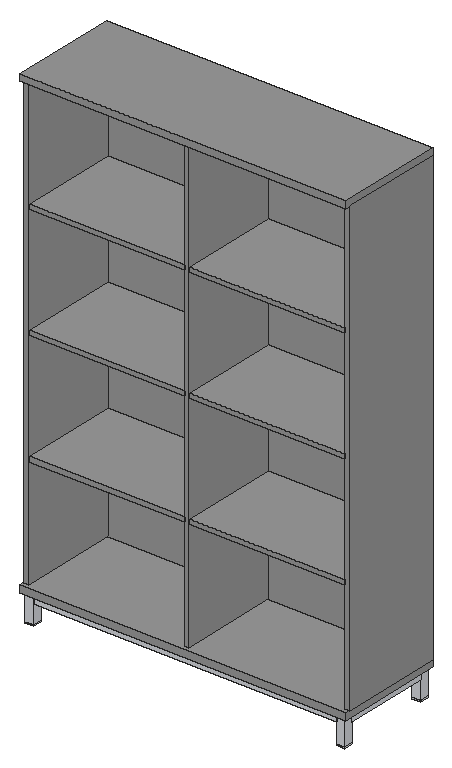
Revit family "Open Fronted Modular Storage With Wooden Door Options", category Furniture, Revit 2019 (continued)
Definition of nested family "Hinged Locking Wooden Doors - HD4 - Level 1"
  Automatic sketch dimensions
    Extrusion 3 sketch curve to plane 4 = 0 mm
    Extrusion 3 sketch curve to plane 3 "Center (Left/Right)" = 1 mm
    Extrusion 3 sketch curve to plane 15 = 830 mm
    radius of Extrusion 2 sketch curve = 10 mm
    radius of Extrusion 4 sketch curve = 10 mm
  Nested families
    nested 1: "Handle Type C-1" at (175, -200, 62.362) x (-1, 0, 0) z (0, 0, 1), visible <- "Handle Type C", type "Handle Type C-1"
    nested 2: "Handle Type B-1" at (175, -200, 48.922) x (-1, 0, 0) z (0, 0, 1), visible <- "Handle Type B", type "Handle Type B-1"
    nested 3: "Handle Type D-1" at (175, -200, 48.922) x (-1, 0, 0) z (0, 0, 1), visible <- "Handle Type D", type "Handle Type D-1"
    nested 4: "Handle Type C-1" at (-175, -200, 62.362), visible <- "Handle Type C", type "Handle Type C-1"
    nested 5: "Handle Type B-1" at (-175, -200, 48.922), visible <- "Handle Type B", type "Handle Type B-1"
    nested 6: "Handle Type D-1" at (-175, -200, 48.922), visible <- "Handle Type D", type "Handle Type D-1"
  Definition of nested family "Handle Type C-1"
    Parameters (values of type "Handle Type C-1")
      URL = "www.gof.co.uk"
      Type Comments = ""
      Range = "STORAGE"
      Handle Type C = none
      Product Code = "Handle Type C"
      Model = ""
      Manufacturer = "Gresham Office Furniture"  # constant formula
      Assembly Code = "E2020200"
    Reference planes
      plane 1 "Center (Front/Back)": y = 0
      plane 2: z = 0
      plane 3 "Center (Left/Right)": x = 0
      plane 4: x = -475
      plane 5: x = 475
      plane 6 "Storage Top": z = 2007
      plane 7: y = 260
      plane 8: y = -260
    Forms (mm)
      Extrusion 1, void
        sketch origin (981.138, 0, 981.138) x (0, 1, 0) y (-1, 0, 0)
          loop
            line (0, 1072) -> (0, 884.5) -> (27.401, 884.5) -> (27.401, 1072) -> (0, 1072)
        from -12.204 to 11.22
      Sweep 2, solid, material <- "Handle Type C"
        path in 3D
          loop
            arc (-78.75, 3.75, 981.138) -> (0, -30, 981.138) -> (78.75, 3.75, 981.138) r 108.75
        profile origin (0, -30, 981.138) x (0, 1, 0) y (0, 0, 1)
          loop
            circle (0, 0) r 5
    Cuts and joins
      Extrusion 1 cuts Sweep 2
    Lines and regions (mm)
      model lines, detail levels coarse+medium
        curve 1: line (68, 0, 981.138) -> (-68, 0, 981.138)
      model lines, not visible, detail levels coarse+medium
        curve 2: line (0, 0, 986.138) -> (0, 0, 976.138)
      model lines, not visible
        curve 3: line (0, 0, 981.138) -> (0, -30, 981.138)
        curve 5: line (-75, 0, 976.138) -> (-75, 0, 986.138)
        curve 6: line (75, 0, 986.138) -> (75, 0, 976.138)
      sketch lines
        curve 4: arc (-78.75, 3.75, 981.138) -> (0, -30, 981.138) -> (78.75, 3.75, 981.138) r 108.75
    Dimensions and locks
      equal spacing: plane 4, plane 3 "Center (Left/Right)", plane 5
      locked: plane 4 to plane 5 at 950
      equal spacing: plane 7, plane 1 "Center (Front/Back)", plane 8
      locked: plane 7 to plane 8 at 520
      aligned and locked: level to plane 2
    Automatic sketch dimensions
      curve 3 to plane 1 "Center (Front/Back)" = 0 mm
      plane 1 "Center (Front/Back)" to curve 3 = 30 mm
      curve 2 to plane 3 "Center (Left/Right)" = 0 mm
      level to curve 2 = 976.138 mm
      curve 1 to plane 3 "Center (Left/Right)" = 68 mm
      curve 5 to curve 1 = 7 mm
      plane 3 "Center (Left/Right)" to curve 1 = 68 mm
      curve 1 to curve 6 = 7 mm
      curve 6 to curve 2 = 0 mm
      curve 5 to curve 2 = 0 mm
      curve 5 to curve 1 = 5 mm
      curve 1 to curve 6 = 5 mm
      curve 1 to curve 5 = 5 mm
      curve 2 to curve 2 = 10 mm
      plane 1 "Center (Front/Back)" to Extrusion 1 sketch curve = 0 mm
      Extrusion 1 sketch curve to plane 1 "Center (Front/Back)" = 27.401 mm
      plane 3 "Center (Left/Right)" to Extrusion 1 sketch curve = 96.638 mm
      Extrusion 1 sketch curve to plane 3 "Center (Left/Right)" = 90.862 mm
      Sweep 2 sketch curve to profile plane = 0 mm  (x2)
      level to curve 3 = 981.138 mm
      radius of Sweep 2 sketch curve = 5 mm
  Definition of nested family "Handle Type B-1"
    Parameters (values of type "Handle Type B-1")
      URL = "www.gof.co.uk"
      Type Comments = ""
      Range = "STORAGE"
      Handle Type B = none
      Product Code = "Handle Type B"
      Model = ""
      Manufacturer = "Gresham Office Furniture"  # constant formula
      Assembly Code = "E2020200"
    Reference planes
      plane 1 "Center (Front/Back)": y = 0
      plane 2: z = 0
      plane 3 "Center (Left/Right)": x = 0
      plane 4: x = -475
      plane 5: x = 475
      plane 6: y = 260
      plane 7: y = -260
    Forms (mm)
      Extrusion 1, void
        sketch origin (872.923, -128.373, 994.578) x (0, 1, 0) y (-1, 0, 0)
          loop
            line (71.667, 873.923) -> (71.667, 872.291) -> (97.075, 872.291) -> (97.075, 873.923) -> (71.667, 873.923)
        from -6 to 6
      Extrusion 2, solid
        sketch origin (988.138, 0, 994.578) x (0, 0, 1) y (-1, 0, 0)
          loop
            circle (0, 1063.138) r 4
          loop
            circle (0, 913.138) r 4
        from 0 to 10.354
      Sweep 3, solid
        path in 3D
          loop
            arc (-85, -5, 994.578) -> (0, -30, 994.578) -> (85, -5, 994.578) r 157
        profile origin (0, -30, 994.578) x (0, 1, 0) y (0, 0, 1)
          loop
            spline (0, 7.5) -> (-0.776, 7.244) -> (-1.5, 6.495) -> (-2.121, 5.303) -> (-2.598, 3.75) -> (-2.898, 1.941) -> (-3, 0) -> (-2.898, -1.941) -> (-2.598, -3.75) -> (-2.121, -5.303) -> (-1.5, -6.495) -> (-0.776, -7.244) -> (0, -7.5)
            spline (0, -7.5) -> (0.776, -7.244) -> (1.5, -6.495) -> (2.121, -5.303) -> (2.598, -3.75) -> (2.898, -1.941) -> (3, 0) -> (2.898, 1.941) -> (2.598, 3.75) -> (2.121, 5.303) -> (1.5, 6.495) -> (0.776, 7.244) -> (0, 7.5)
      Extrusion 4, void
        sketch origin (867.923, -128.373, 994.578) x (0, 1, 0) y (-1, 0, 0)
          loop
            line (71.667, 873.923) -> (71.667, 872.291) -> (97.075, 872.291) -> (97.075, 873.923) -> (71.667, 873.923)
        from -6 to 6
      Extrusion 5, void
        sketch origin (862.923, -128.373, 994.578) x (0, 1, 0) y (-1, 0, 0)
          loop
            line (71.667, 873.923) -> (71.667, 872.291) -> (98.373, 872.291) -> (98.373, 873.923) -> (71.667, 873.923)
        from -6 to 6
      Extrusion 6, void
        sketch origin (857.923, -128.373, 994.578) x (0, 1, 0) y (-1, 0, 0)
          loop
            line (71.667, 873.923) -> (71.667, 872.291) -> (98.373, 872.291) -> (98.373, 873.923) -> (71.667, 873.923)
        from -6 to 6
      Extrusion 7, void
        sketch origin (852.923, -128.373, 994.578) x (0, 1, 0) y (-1, 0, 0)
          loop
            line (71.667, 873.923) -> (71.667, 872.291) -> (98.842, 872.291) -> (98.842, 873.923) -> (71.667, 873.923)
        from -6 to 6
      Extrusion 8, void
        sketch origin (847.923, -128.373, 994.578) x (0, 1, 0) y (-1, 0, 0)
          loop
            line (71.667, 873.923) -> (71.667, 872.291) -> (99.385, 872.291) -> (99.385, 873.923) -> (71.667, 873.923)
        from -6 to 6
      Extrusion 9, void
        sketch origin (842.923, -128.373, 994.578) x (0, 1, 0) y (-1, 0, 0)
          loop
            line (71.667, 873.923) -> (71.667, 872.291) -> (100.2, 872.291) -> (100.2, 873.923) -> (71.667, 873.923)
        from -6 to 6
      Extrusion 10, void
        sketch origin (837.923, -128.373, 994.578) x (0, 1, 0) y (-1, 0, 0)
          loop
            line (71.667, 873.923) -> (71.667, 872.291) -> (100.984, 872.291) -> (100.984, 873.923) -> (71.667, 873.923)
        from -6 to 6
      Extrusion 11, void
        sketch origin (832.923, -128.373, 994.578) x (0, 1, 0) y (-1, 0, 0)
          loop
            line (71.667, 873.923) -> (71.667, 872.291) -> (102.35, 872.291) -> (102.35, 873.923) -> (71.667, 873.923)
        from -6 to 6
      Extrusion 12, void
        sketch origin (-867.923, -128.373, 994.578) x (0, 1, 0) y (-1, 0, 0)
          loop
            line (71.667, -873.923) -> (97.075, -873.923) -> (97.075, -872.291) -> (71.667, -872.291) -> (71.667, -873.923)
        from -6 to 6
      Extrusion 13, void
        sketch origin (-862.923, -128.373, 994.578) x (0, 1, 0) y (-1, 0, 0)
          loop
            line (71.667, -873.923) -> (98.373, -873.923) -> (98.373, -872.291) -> (71.667, -872.291) -> (71.667, -873.923)
        from -6 to 6
      Extrusion 14, void
        sketch origin (-857.923, -128.373, 994.578) x (0, 1, 0) y (-1, 0, 0)
          loop
            line (71.667, -873.923) -> (98.373, -873.923) -> (98.373, -872.291) -> (71.667, -872.291) -> (71.667, -873.923)
        from -6 to 6
      Extrusion 15, void
        sketch origin (-852.923, -128.373, 994.578) x (0, 1, 0) y (-1, 0, 0)
          loop
            line (71.667, -873.923) -> (98.842, -873.923) -> (98.842, -872.291) -> (71.667, -872.291) -> (71.667, -873.923)
        from -6 to 6
      Extrusion 16, void
        sketch origin (-847.923, -128.373, 994.578) x (0, 1, 0) y (-1, 0, 0)
          loop
            line (71.667, -873.923) -> (99.385, -873.923) -> (99.385, -872.291) -> (71.667, -872.291) -> (71.667, -873.923)
        from -6 to 6
      Extrusion 17, void
        sketch origin (-842.923, -128.373, 994.578) x (0, 1, 0) y (-1, 0, 0)
          loop
            line (71.667, -873.923) -> (100.2, -873.923) -> (100.2, -872.291) -> (71.667, -872.291) -> (71.667, -873.923)
        from -6 to 6
      Extrusion 18, void
        sketch origin (-837.923, -128.373, 994.578) x (0, 1, 0) y (-1, 0, 0)
          loop
            line (71.667, -873.923) -> (100.984, -873.923) -> (100.984, -872.291) -> (71.667, -872.291) -> (71.667, -873.923)
        from -6 to 6
      Extrusion 19, void
        sketch origin (-832.923, -128.373, 994.578) x (0, 1, 0) y (-1, 0, 0)
          loop
            line (71.667, -873.923) -> (102.35, -873.923) -> (102.35, -872.291) -> (71.667, -872.291) -> (71.667, -873.923)
        from -6 to 6
    Cuts and joins
      Extrusion 1, Extrusion 4, Extrusion 5, Extrusion 6, Extrusion 7, Extrusion 8, Extrusion 9, Extrusion 10, Extrusion 11, Extrusion 12, Extrusion 13, Extrusion 14, Extrusion 15, Extrusion 16, Extrusion 17, Extrusion 18, Extrusion 19 cuts Sweep 3
    Lines and regions (mm)
      model lines, not visible, detail levels coarse+medium
        curve 1: line (75, 0, 999.578) -> (75, 0, 989.578)
      model lines, not visible
        curve 2: line (-75, 0, 999.578) -> (-75, 0, 989.578)
        curve 4: line (0, 0, 994.578) -> (0, -30, 994.578)
        curve 6: line (0, 0, 999.578) -> (0, 0, 989.578)
      model lines
        curve 3: line (-75, 0, 994.578) -> (75, 0, 994.578)
      sketch lines
        curve 5: arc (-85, -5, 994.578) -> (0, -30, 994.578) -> (85, -5, 994.578) r 157
    Dimensions and locks
      equal spacing: plane 4, plane 3 "Center (Left/Right)", plane 5
      locked: plane 4 to plane 5 at 950
      equal spacing: plane 6, plane 1 "Center (Front/Back)", plane 7
      locked: plane 6 to plane 7 at 520
      aligned and locked: level to plane 2
    Automatic sketch dimensions
      curve 4 to curve 4 = 30 mm
      curve 6 to plane 3 "Center (Left/Right)" = 0 mm
      plane 3 "Center (Left/Right)" to curve 1 = 75 mm
      level to curve 1 = 989.578 mm
      curve 3 to plane 3 "Center (Left/Right)" = 75 mm
      curve 2 to curve 1 = 0 mm
      curve 6 to curve 1 = 0 mm
      curve 2 to curve 3 = 5 mm
      curve 6 to curve 6 = 10 mm
      curve 3 to curve 2 = 5 mm
      curve 3 to curve 1 = 5 mm
      plane 3 "Center (Left/Right)" to Extrusion 1 sketch curve = 0.632 mm
      plane 1 "Center (Front/Back)" to Extrusion 1 sketch curve = 56.707 mm
      Extrusion 1 sketch curve to Extrusion 1 sketch curve = 25.409 mm
      Extrusion 1 sketch curve to plane 3 "Center (Left/Right)" = 1 mm
      plane 3 "Center (Left/Right)" to Extrusion 2 sketch curve = 75 mm
      level to Extrusion 2 sketch curve = 994.578 mm
      Extrusion 2 sketch curve to plane 3 "Center (Left/Right)" = 75 mm
      Extrusion 2 sketch curve to Extrusion 2 sketch curve = 0 mm
      Sweep 3 sketch curve to profile plane = 0 mm  (x2)
      Sweep 3 sketch curve to Sweep 3 sketch curve = 7.5 mm
      Extrusion 4 sketch curve to plane 3 "Center (Left/Right)" = 4.368 mm
      plane 1 "Center (Front/Back)" to Extrusion 4 sketch curve = 56.707 mm
      Extrusion 4 sketch curve to Extrusion 4 sketch curve = 25.409 mm
      Extrusion 4 sketch curve to Extrusion 4 sketch curve = 1.632 mm
      Extrusion 5 sketch curve to plane 3 "Center (Left/Right)" = 9.368 mm
      plane 1 "Center (Front/Back)" to Extrusion 5 sketch curve = 56.707 mm
      Extrusion 5 sketch curve to Extrusion 5 sketch curve = 26.707 mm
      Extrusion 5 sketch curve to Extrusion 5 sketch curve = 1.632 mm
      Extrusion 6 sketch curve to plane 3 "Center (Left/Right)" = 14.368 mm
      plane 1 "Center (Front/Back)" to Extrusion 6 sketch curve = 56.707 mm
      Extrusion 6 sketch curve to Extrusion 6 sketch curve = 26.707 mm
      Extrusion 6 sketch curve to Extrusion 6 sketch curve = 1.632 mm
      Extrusion 7 sketch curve to plane 3 "Center (Left/Right)" = 19.368 mm
      plane 1 "Center (Front/Back)" to Extrusion 7 sketch curve = 56.707 mm
      Extrusion 7 sketch curve to Extrusion 7 sketch curve = 27.176 mm
      Extrusion 7 sketch curve to Extrusion 7 sketch curve = 1.632 mm
      Extrusion 8 sketch curve to plane 3 "Center (Left/Right)" = 24.368 mm
      plane 1 "Center (Front/Back)" to Extrusion 8 sketch curve = 56.707 mm
      Extrusion 8 sketch curve to Extrusion 8 sketch curve = 27.719 mm
      Extrusion 8 sketch curve to Extrusion 8 sketch curve = 1.632 mm
      plane 1 "Center (Front/Back)" to Extrusion 9 sketch curve = 56.707 mm
      plane 1 "Center (Front/Back)" to Extrusion 9 sketch curve = 28.173 mm
      Extrusion 9 sketch curve to plane 3 "Center (Left/Right)" = 29.368 mm
      Extrusion 9 sketch curve to Extrusion 9 sketch curve = 1.632 mm
      plane 1 "Center (Front/Back)" to Extrusion 10 sketch curve = 56.707 mm
      plane 1 "Center (Front/Back)" to Extrusion 10 sketch curve = 27.389 mm
      Extrusion 10 sketch curve to plane 3 "Center (Left/Right)" = 34.368 mm
      Extrusion 10 sketch curve to Extrusion 10 sketch curve = 1.632 mm
      plane 1 "Center (Front/Back)" to Extrusion 11 sketch curve = 56.707 mm
      plane 1 "Center (Front/Back)" to Extrusion 11 sketch curve = 26.024 mm
      Extrusion 11 sketch curve to plane 3 "Center (Left/Right)" = 39.368 mm
      Extrusion 11 sketch curve to Extrusion 11 sketch curve = 1.632 mm
      plane 3 "Center (Left/Right)" to Extrusion 12 sketch curve = 4.368 mm
      plane 1 "Center (Front/Back)" to Extrusion 12 sketch curve = 56.707 mm
      Extrusion 12 sketch curve to Extrusion 12 sketch curve = 25.409 mm
      Extrusion 12 sketch curve to Extrusion 12 sketch curve = 1.632 mm
      plane 3 "Center (Left/Right)" to Extrusion 13 sketch curve = 9.368 mm
      plane 1 "Center (Front/Back)" to Extrusion 13 sketch curve = 56.707 mm
      Extrusion 13 sketch curve to Extrusion 13 sketch curve = 26.707 mm
      Extrusion 13 sketch curve to Extrusion 13 sketch curve = 1.632 mm
      plane 3 "Center (Left/Right)" to Extrusion 14 sketch curve = 14.368 mm
      plane 1 "Center (Front/Back)" to Extrusion 14 sketch curve = 56.707 mm
      Extrusion 14 sketch curve to Extrusion 14 sketch curve = 26.707 mm
      Extrusion 14 sketch curve to Extrusion 14 sketch curve = 1.632 mm
      plane 3 "Center (Left/Right)" to Extrusion 15 sketch curve = 19.368 mm
      plane 1 "Center (Front/Back)" to Extrusion 15 sketch curve = 56.707 mm
      Extrusion 15 sketch curve to Extrusion 15 sketch curve = 27.176 mm
      Extrusion 15 sketch curve to Extrusion 15 sketch curve = 1.632 mm
      plane 3 "Center (Left/Right)" to Extrusion 16 sketch curve = 24.368 mm
      plane 1 "Center (Front/Back)" to Extrusion 16 sketch curve = 56.707 mm
      Extrusion 16 sketch curve to Extrusion 16 sketch curve = 27.719 mm
      Extrusion 16 sketch curve to Extrusion 16 sketch curve = 1.632 mm
      plane 1 "Center (Front/Back)" to Extrusion 17 sketch curve = 56.707 mm
      plane 1 "Center (Front/Back)" to Extrusion 17 sketch curve = 28.173 mm
      plane 3 "Center (Left/Right)" to Extrusion 17 sketch curve = 31 mm
      Extrusion 17 sketch curve to Extrusion 17 sketch curve = 1.632 mm
      plane 1 "Center (Front/Back)" to Extrusion 18 sketch curve = 56.707 mm
      plane 1 "Center (Front/Back)" to Extrusion 18 sketch curve = 27.389 mm
      plane 3 "Center (Left/Right)" to Extrusion 18 sketch curve = 36 mm
      Extrusion 18 sketch curve to Extrusion 18 sketch curve = 1.632 mm
      plane 1 "Center (Front/Back)" to Extrusion 19 sketch curve = 56.707 mm
      plane 1 "Center (Front/Back)" to Extrusion 19 sketch curve = 26.024 mm
      plane 3 "Center (Left/Right)" to Extrusion 19 sketch curve = 41 mm
      Extrusion 19 sketch curve to Extrusion 19 sketch curve = 1.632 mm
      curve 4 to plane 1 "Center (Front/Back)" = 0 mm
      level to curve 4 = 994.578 mm
      radius of Extrusion 2 sketch curve = 4 mm  (x2)
  Definition of nested family "Handle Type D-1"
    Parameters (values of type "Handle Type D-1")
      URL = "www.gof.co.uk"
      Type Comments = ""
      Range = "STORAGE"
      Handle Type D = none
      Product Code = "Handle Type D"
      Model = ""
      Manufacturer = "Gresham Office Furniture"  # constant formula
      Assembly Code = "E2020200"
    Reference planes
      plane 1 "Center (Front/Back)": y = 0
      plane 2: z = 0
      plane 3 "Center (Left/Right)": x = 0
      plane 4: x = -475
      plane 5: x = 475
      plane 6: y = 260
      plane 7: y = -260
    Forms (mm)
      Extrusion 1, solid
        sketch origin (994.578, 0, 994.578) x (0, 0, 1) y (0, 1, 0)
          loop
            line (5, 0) -> (-5, 0) -> (-5, -6.91)
            arc (-5, -6.91) -> (-7.006, -15.176) -> (0, -20) r 7.5
            arc (0, -20) -> (7.006, -15.176) -> (5, -6.91) r 7.5
            line (5, -6.91) -> (5, 0)
        from 919.578 to 1069.578
    Lines and regions (mm)
      model lines, not visible, detail levels coarse+medium
        curve 1: line (75, 0, 999.578) -> (75, 0, 989.578)
        curve 2: line (-75, 0, 999.578) -> (-75, 0, 989.578)
      model lines, detail levels coarse+medium
        curve 3: line (-75, 0, 994.578) -> (75, 0, 994.578)
      model lines, not visible
        curve 4: line (0, 0, 999.578) -> (0, 0, 989.578)
    Dimensions and locks
      aligned and locked: level to plane 2
Types (3, lengths in mm): name | Product Code | Height | BOF18Z Shelves | BOF14Z Shelves
  BOF18Z | "BOF18Z" | 1816 | yes | yes
  BOF14Z | "BOF14Z" | 1400 | no | yes
  BOF10Z | "BOF10Z" | 985 | no | no
